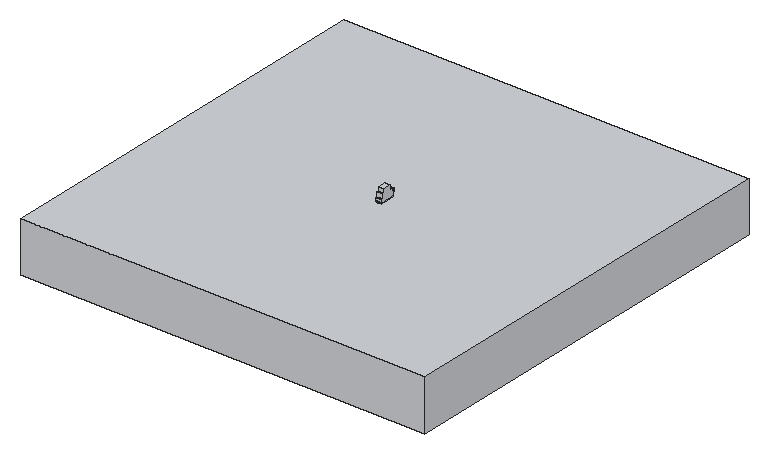
Revit family "Gira_238300", category Elektroinstallationen, Revit 2017
Family settings
  Basisbauteil = Fläche
  Beschriftungsausrichtung beibehalten = Nein
  Bemaßung runder Anschluss = Durchmesser verwenden
  Teiletyp = Normal
  Beim Laden mit Abzugskörper schneiden = Nein
  Gemeinsam genutzt = Nein
  Raumberechnungspunkt = Nein
Parameters (values of type "S3000 Uni-LED-Lstg.zusatz REG Elektronik")
  Zusammenstellung = ""
  Werkstoffgüte = "sonstige"
  Werkstoff Text = "sonstige"
  Default Elevation = 1219.2 mm
  Vor Ort-/Handbedienung = no
  Verwendbar mit Zeitschalter/Timer = no
  Verwendbar mit Taste = no
  Verwendbar mit Präsenzmelder = no
  Verwendbar mit IR-Taste = no
  Verwendbar mit Funktaste = no
  Verwendbar mit Bewegungsmelder = no
  URL = "https://www.gira.de/"
  Typname = "S3000 Uni-LED-Lstg.zusatz REG Elektronik"
  Type Comments = ""
  Transparent = no
  Stromart = ""
  Seriendimmer = no
  Schutzart (IP) = ""
  Produktseite = "https://media.stage.bim.site/t/eyJhbGciOiJIUzI1NiIsInR5cCI6IkpXVCJ9.eyJjdCI6MiwidHUiOiJodHRwOi8va2F0YWxvZy5naXJhLmRlL2RlX0RFL2RhdGVuYmxhdHQuaHRtbD9hcnRpa2VsbnI9MjM4MzAwIiwiY2lkIjoiMzI3N2NjMjMtODFhOS00ZWUzLWE5MGEtYjQ3YmI0YzBiNjE2IiwicmlkIjoiYmE5OWI0MjFiYjczNjI1MTQ2M2ZmNjRhYzc4NDA4OTIiLCJwaWQiOiI0NGYyZWE5MTAyY2IwNDhmMjg5ZTU1NDQ0MDAxYjA4M2U4YmZkYWRmIiwic2lkIjoiNjM0NzAiLCJ1dCI6MSwibGMiOiJkZSIsImlhdCI6MTYwMDk0MDI1OCwiaXNzIjoiaHR0cHM6Ly9hcGkubGl2ZS5iaW0uc2l0ZSIsInN1YiI6ImFkbWluQGJpbXNpdGUuZGV2In0.8exVZKCeL88Wc6aFl--UeabLe5TDuXklmER6xGZPd7M"
  Oberfläche Text = "sonstige"
  Nennspannung [Volt] = ""
  Nebenstelleneingang = no
  Montageart = "REG"
  Model = ""
  Mit LED-Anzeige = no
  Mit Busankopplung = no
  Mit Beschriftungsfeld = no
  Max. Schaltleistung [Voltampere] = 0
  Max. Anzahl der Jalousieausgänge = 0
  Lichtwertspeicher = no
  Lastart = "universal und LED Retrofit"
  Kosten = 0
  Installationstechnik = ""
  Hersteller = "Gira"
  HeinzeBIM = "https://www.heinze.de/bim/s3000-uni-led-lstg-zusatz-reg-elektronik/44f2ea9102cb048f289e55444001b083e8bfdadf"
  Halogenfrei = no
  HAN = "238300"
  Geeignet für Schutzart (IP) = ""
  GTIN = "4010337031383"
  Funktion Schalten = no
  Funktion = ""
  Funk bidirektional = no
  Frequenz [Hz] = ""
  Farbe = ""
  Dimmung Phasenanschnitt = no
  Dimmung Phasenabschnitt = no
  Datenblatt 1 = "https://media.stage.bim.site/t/eyJhbGciOiJIUzI1NiIsInR5cCI6IkpXVCJ9.eyJjdCI6MSwidGYiOiJwdWJsaWMvZ2lyYS9hZThjNTU3LzIzODMwMC50eHQiLCJjaWQiOiIzMjc3Y2MyMy04MWE5LTRlZTMtYTkwYS1iNDdiYjRjMGI2MTYiLCJyaWQiOiJiYTk5YjQyMWJiNzM2MjUxNDYzZmY2NGFjNzg0MDg5MiIsInBpZCI6IjQ0ZjJlYTkxMDJjYjA0OGYyODllNTU0NDQwMDFiMDgzZThiZmRhZGYiLCJzaWQiOiI2MzQ3MCIsInV0IjoxLCJsYyI6ImRlIiwiaWF0IjoxNjAwOTQwMjU4LCJpc3MiOiJodHRwczovL2FwaS5saXZlLmJpbS5zaXRlIiwic3ViIjoiYWRtaW5AYmltc2l0ZS5kZXYifQ.PjueNNyurZ6bFxaghKXPcnAjUlefoYCChf_74u0_8-w/238300.txt"
  Datenblatt = "https://media.stage.bim.site/t/eyJhbGciOiJIUzI1NiIsInR5cCI6IkpXVCJ9.eyJjdCI6MSwidHUiOiJodHRwczovL2thdGFsb2cuZ2lyYS5kZS9kZV9ERS9kb3dubG9hZC5odG1sP2FydGlrZWxucj0yMzgzMDAiLCJjaWQiOiIzMjc3Y2MyMy04MWE5LTRlZTMtYTkwYS1iNDdiYjRjMGI2MTYiLCJyaWQiOiJiYTk5YjQyMWJiNzM2MjUxNDYzZmY2NGFjNzg0MDg5MiIsInBpZCI6IjQ0ZjJlYTkxMDJjYjA0OGYyODllNTU0NDQwMDFiMDgzZThiZmRhZGYiLCJzaWQiOiI2MzQ3MCIsInV0IjoxLCJsYyI6ImRlIiwiaWF0IjoxNjAwOTQwMjU4LCJpc3MiOiJodHRwczovL2FwaS5saXZlLmJpbS5zaXRlIiwic3ViIjoiYWRtaW5AYmltc2l0ZS5kZXYifQ.f6Lzr9daqbOe9lbIzIa2mMTi4teJBpMgjoNeN0rKxlA"
  Bussystem Powernet = no
  Bussystem LON = no
  Bussystem KNX-Funk = no
  Bussystem KNX = no
  Bussystem Funkbus = no
  Breite in Teilungseinheiten = 0
  Beschreibung = "System 3000 Universal-LED-Leistungszusatz REG  REG Merkmale:  Schalten und Dimmen von Glühlampen, HV-Halogenlampen, elektronischen Trafos für Halogen-Lampen, induktiven Trafos für Halogen-Lampen, HV-LED- oder Kompaktleuchtstofflampen.  Bedienung erfolgt über vorgeschalteten Dimmer.  Versorgung der angeschlossenen Lasten über gemeinsame Lastleitung.  Elektronischer Übertemperaturschutz.  Hinweise :  Bei höherer Umgebungstemperatur als 45 C ist die angeschlossene Last zu reduzieren.  Die maximale Last und die Anzahl der Leistungszusätze ist abhängig vom Dimmer. Eine Referenzliste finden Sie im Technischen Anhang oder in der Gebrauchsanleitung."
  Befestigungsart = ""
  Bedienungsart = ""
  Assembly Code = ""
  Keynote = ""
  BIMSITE_PRODUCT_ID = "44f2ea9102cb048f289e55444001b083e8bfdadf"
  BIM = "https://media.stage.bim.site/t/eyJhbGciOiJIUzI1NiIsInR5cCI6IkpXVCJ9.eyJjdCI6MSwidGYiOiJwdWJsaWMvZ2lyYS9hZThjNTU3L0dpcmEgWDEgUkVHIEtOWC5yZmEiLCJjaWQiOiIzMjc3Y2MyMy04MWE5LTRlZTMtYTkwYS1iNDdiYjRjMGI2MTYiLCJyaWQiOiJiYTk5YjQyMWJiNzM2MjUxNDYzZmY2NGFjNzg0MDg5MiIsInBpZCI6IjQ0ZjJlYTkxMDJjYjA0OGYyODllNTU0NDQwMDFiMDgzZThiZmRhZGYiLCJzaWQiOiI2MzQ3MCIsInV0Ijo1LCJsYyI6ImRlIiwiaWF0IjoxNjAwOTQwMjU4LCJpc3MiOiJodHRwczovL2FwaS5saXZlLmJpbS5zaXRlIiwic3ViIjoiYWRtaW5AYmltc2l0ZS5kZXYifQ.6XGo3xWgCWNx0YX6ldXKeuUpkposc4tc8ap4v0f9gUQ/Gira X1 REG KNX.rfa"
  Ausführung der Oberfläche = "nicht zutreffend"
  Ausführung Text = ""
  App-Steuerung über Bluetooth = no
  Anzahl der Eingänge = 0
  Anschlussart = ""
  Andere Bussysteme = ""
Reference planes
  plane 1 "Center (Front/Back)": y = 0
  plane 2: z = 0
  plane 3 "Center (Left/Right)": x = 0
Forms (mm)
  Extrusion 1, solid
    sketch origin (0, 0, 0) x (1, 0, 0) y (0, 1, 0)
      loop
        line (-1219.2, 1219.2) -> (-1219.2, -1219.2) -> (1219.2, -1219.2) -> (1219.2, 1219.2) -> (-1219.2, 1219.2)
    from 0 to -304.8
  Extrusion 2, solid, detail levels fine
    sketch origin (0, -0.2, 0) x (0, 1, 0) y (0, 0, 1)
      loop
        line (22.65, 43.82) -> (22.65, 68.77) -> (-22.25, 68.77) -> (-22.25, 43.82) -> (-30.4, 43.82) -> (-30.4, 19.42) -> (-44.8, 19.42) -> (-44.8, 1.97) -> (45.192, 1.97) -> (45.192, 28.47) -> (32.925, 28.47) -> (32.831, 39.259) -> (31.225, 41.242) -> (31.225, 43.82) -> (22.65, 43.82)
    from -17.95 to 17.95
  Extrusion 3, solid, detail levels fine
    sketch origin (0, -0.2, 0) x (0, 1, 0) y (0, 0, 1)
      loop
        line (45.192, 43.82) -> (31.225, 43.82) -> (31.225, 41.242) -> (32.831, 39.259) -> (32.925, 28.47) -> (45.192, 28.47) -> (45.192, 43.82)
    from -17.95 to -15.8
  Extrusion 4, solid, detail levels fine
    sketch origin (0, -0.2, 0) x (0, 1, 0) y (0, 0, -1)
      loop
        line (45.192, -43.82) -> (45.192, -28.47) -> (32.925, -28.47) -> (32.831, -39.259) -> (31.225, -41.242) -> (31.225, -43.82) -> (45.192, -43.82)
    from -17.95 to -15.8
  Extrusion 5, solid, detail levels fine
    sketch origin (0, -0.2, 0) x (0, 1, 0) y (0, 0, 1)
      loop
        line (31.5, 42.848) -> (31.5, 40.412)
        arc (31.5, 40.412) -> (38.359, 39.512) -> (45.192, 38.435) r 267
        line (45.192, 38.435) -> (45.192, 14.255)
        arc (45.192, 14.255) -> (50.205, 15.189) -> (55.2, 16.219) r 264.9
        line (55.2, 16.219) -> (55.2, 38.933)
        arc (55.2, 38.933) -> (43.394, 41.159) -> (31.5, 42.848) r 265
    from -15.506 to 15.5
  Extrusion 6, solid, detail levels fine
    sketch origin (0, -0.2, 0) x (0, 1, 0) y (0, 0, 1)
      loop
        line (45.2, 1.5) -> (17.774, 1.5) -> (17.905, -6.017)
        arc (17.905, -6.017) -> (20.285, -6.454) -> (22.7, -6.6) r 20
        arc (22.7, -6.6) -> (33.985, -5.009) -> (45.128, -2.618) r 160
        line (45.128, -2.618) -> (45.2, 1.5)
    from -17.95 to 18
  Extrusion 7, solid, detail levels fine
    sketch origin (0, -0.2, 0) x (0, 1, 0) y (0, 0, 1)
      loop
        line (17.905, -6.017) -> (17.824, -1.4) -> (16.8, -1.4) -> (14.749, -4.952)
        arc (14.749, -4.952) -> (16.305, -5.55) -> (17.905, -6.017) r 20
    from -17.95 to -13
  Extrusion 8, solid, detail levels fine
    sketch origin (0, -0.2, 0) x (0, 1, 0) y (0, 0, -1)
      loop
        arc (17.905, 6.017) -> (16.305, 5.55) -> (14.749, 4.952) r 20
        line (14.749, 4.952) -> (16.8, 1.4) -> (17.824, 1.4) -> (17.905, 6.017)
    from -17.95 to -13
  Extrusion 9, solid, detail levels fine
    sketch origin (0, -0.2, 0) x (0, 1, 0) y (0, 0, 1)
      loop
        line (17.8, 0) -> (17.774, 1.5) -> (-44.8, 1.5) -> (-44.774, 0) -> (17.8, 0)
    from -17.95 to 17.95
  Extrusion 10, solid, detail levels fine
    sketch origin (0, 0, 0) x (0, 1, 0) y (0, 0, 1)
      loop
        line (-48.916, -3.317) -> (-44.906, -3.881) -> (-44.974, 0) -> (-48.916, 0) -> (-48.916, -3.317)
    from -4.803 to 4.797
  Extrusion 11, solid, detail levels fine
    sketch origin (0, 0, 0) x (0, 1, 0) y (0, 0, 1)
      loop
        arc (-22.5, -6.6) -> (-20.811, -6.529) -> (-19.134, -6.315) r 20
        line (-19.134, -6.315) -> (-18.029, -3.279) -> (-18, 0) -> (-44.974, 0) -> (-44.928, -2.618)
        arc (-44.928, -2.618) -> (-33.785, -5.009) -> (-22.5, -6.6) r 160
    from -17.95 to -10.5
  Extrusion 12, solid, detail levels fine
    sketch origin (0, 0, 0) x (0, 1, 0) y (0, 0, -1)
      loop
        arc (-22.5, 6.6) -> (-33.785, 5.009) -> (-44.928, 2.618) r 160
        line (-44.928, 2.618) -> (-44.974, 0) -> (-18, 0) -> (-18.029, 3.279) -> (-19.134, 6.315)
        arc (-19.134, 6.315) -> (-20.811, 6.529) -> (-22.5, 6.6) r 20
    from -17.95 to -10.5
  Extrusion 13, solid, detail levels fine
    sketch origin (0, 0, 0) x (0, 1, 0) y (0, 0, 1)
      loop
        line (-30.708, -6.6) -> (-30.65, 0) -> (-44.974, 0) -> (-44.859, -6.6) -> (-30.708, -6.6)
    from -10.5 to 10.5
  Extrusion 14, solid, detail levels fine
    sketch origin (0, 0, 0) x (1, 0, 0) y (0, 1, 0)
      loop
        circle (-0.003, -20.023) r 1
    from -7.682 to 0
  Extrusion 15, solid, detail levels fine
    sketch origin (0, 0, 0) x (0, 1, 0) y (0, 0, 1)
      loop
        line (-17.523, -0.8) -> (-17.523, 0) -> (-30.65, 0) -> (-30.684, -3.9) -> (-27.106, -3.9) -> (-27.106, -5.6) -> (-19.623, -6.6) -> (-18.03, -6.6) -> (-15.023, -2.682) -> (-15.023, -1.517) -> (-17.523, -0.8)
    from -4.503 to 4.5
  Extrusion 16, solid, detail levels fine
    sketch origin (0, 0, 0) x (1, 0, 0) y (0, 1, 0)
      loop
        line (16.859, 43.848) -> (-16.859, 43.848) -> (-16.859, -43.859) -> (16.859, -43.859) -> (16.859, 43.848)
    from 1.5 to 4
  Extrusion 17, solid, detail levels medium
    sketch origin (0, 0, 0) x (0, 1, 0) y (0, 0, 1)
      loop
        line (22.45, 68.77) -> (-22.45, 68.77) -> (-22.45, 43.82) -> (-30.6, 43.82) -> (-30.6, 19.42) -> (-45, 19.42) -> (-45, 0) -> (-48.916, 0) -> (-48.916, -6.6) -> (-15.023, -6.6) -> (-15.023, 0) -> (14.549, 0) -> (14.549, -6.6) -> (44.992, -6.6) -> (44.992, 14.255)
        arc (44.992, 14.255) -> (50.005, 15.189) -> (55, 16.219) r 264.9
        line (55, 16.219) -> (55, 38.933)
        arc (55, 38.933) -> (50.005, 39.943) -> (44.992, 40.856) r 265
        line (44.992, 40.856) -> (44.992, 43.82) -> (22.45, 43.82) -> (22.45, 68.77)
    from -17.95 to 17.95
  Extrusion 18, solid, detail levels coarse
    sketch origin (0, 0, 0) x (1, 0, 0) y (0, 1, 0)
      loop
        line (-17.95, 55) -> (-17.95, -48.916) -> (17.95, -48.916) -> (17.95, 55) -> (-17.95, 55)
    from -7.682 to 68.77
Dimensions and locks
  aligned and locked: plane 2 to Extrusion 1
  aligned and locked: level to Extrusion 1
Connectors
  electrical at (0, -13.687, 0)
    settings: on Extrusion 9, index 1, voltage 24 V, apparent load 0 VA, apparent load phase1 0 VA, apparent load phase2 0 VA, apparent load phase3 0 VA, power factor 1, load classification "Other", number of poles 1, system type 30, power factor state 1, is connector primary yes, connector utility no, sub classification motor no, connector description ""
